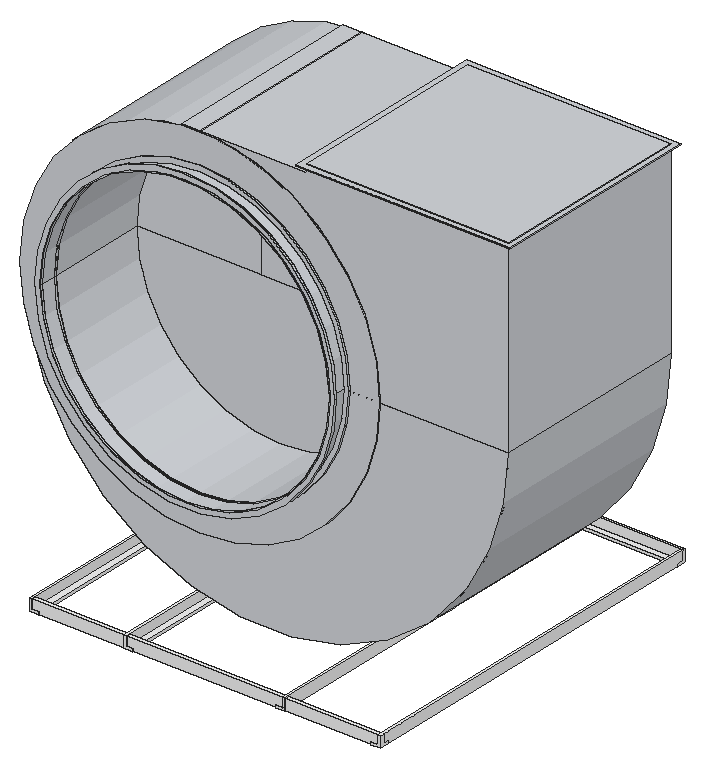
Revit family "НЕВАТОМ_Вентилятор ВР 86-77, Версия 2.с табл", category Оборудование, Revit 2017
Family settings
  Размер круглого соединителя = Использовать диаметр
  Тип детали = Нормальный
  На основе рабочей плоскости = Нет
  Всегда вертикально = Да
  При загрузке вырезать с полостями = Нет
  Общий = Да
  Точка расчета площади = Нет
Parameters (values of type "№12.5")
  типоразмер = 12.50 mm
  Угол [instance] = 0.00° - Угол поворота  # 0.00°
  Ширина основания = 1520.00 mm
  Ширина опоры = 700.00 mm
  Угол поворота [instance] = 0.00°
  ТП = "НЕВАТОМ_Вентилятор ВР 86-77"  # constant formula
  Сравнение праволево [instance] = if(НЕВАТОМ_Направление вращения Левое, 0.00 mm, 1.00 mm)  # 1.00 mm
  Рама монтажная [instance] = no
  НЕВАТОМ_Частота вращения электродвигателя = 750
  НЕВАТОМ_Направление вращения Правое [instance] = and(not(НЕВАТОМ_Направление вращения Левое))  # yes
  НЕВАТОМ_Направление вращения Левое [instance] = no
  НЕВАТОМ_Мощность электродвигатель = 15.00 mm
  НЕВАТОМ_Исполнение вентилятора = 1.00 mm
  Н2 = 2175.00 mm
  Ключевая пометка = "Вентиляция"  # constant formula
  Высота виброизолятора [instance] = if(and(Выбор виброизолятора = 1.00 mm, D = 250.00 mm), 72.00 mm, if(and(Выбор виброизолятора = 1.00 mm, D = 315.00 mm), 92.50 mm, if(and(Выбор виброизолятора = 1.00 mm, D = 400.00 mm), 113.00 mm, if(and(Выбор виброизолятора = 1.00 mm, D = 500.00 mm), 92.50 mm, if(and(Выбор виброизолятора = 1.00 mm, D = 630.00 mm), 129.00 mm, if(and(Выбор виброизолятора = 1.00 mm, D = 800.00 mm), 129.00 mm, if(and(Выбор виброизолятора = 1.00 mm, D = 1000.00 mm), 192.00 mm, if(and(Выбор виброизолятора = 1.00 mm, D = 1250.00 mm), 192.00 mm, 0.00 mm))))))))  # 0.00 mm
  Выбор исполнения = 0.00 mm
  Выбор диаметра колеса [instance] = if([(0.9Dн)], 1.00 mm, if([(1.05Dн)], 2.00 mm, 0.00 mm))  # 1.00 mm
  Выбор виброизолятора [instance] = if(Виброизолятор, 1.00 mm, 0.00 mm)  # 0.00 mm
  Виброизолятор [instance] = no
  ВР = 12.50 mm
  r = 160.00 mm
  l патрубка = 80.00 mm
  l длина = 800.00 mm
  l двиг = 500.00 mm
  k = 80.00 mm
  h3 = 100.00 mm
  h2 = 780.00 mm
  h1 = 815.00 mm
  h = 300.00 mm
  d двиг = 320.00 mm
  c2 = 800.00 mm
  c1 = 848.00 mm
  b = 25.00 mm
  a2 = 1338.00 mm
  _Коэффициент расхода [instance] = 1
  Type = 43.00 mm
  R2 = 780.00 mm
  R1 = 1050.00 mm
  L длина опоры = 1648.00 mm
  L двиг = 340.00 mm
  H1 = 1360.00 mm
  H опоры = 1200.00 mm
  Dн = no
  ADSK_Наименование краткое [instance] = size_lookup(ТП, "", "нет типоразмера", D)  # "VR 86-77-12.5"
  1.05Dн = no
  0.9Dн = yes
  D1 = 1255.00 mm
  D/2 = d двиг / 2  # 160.00 mm
  D входного патрубка = 1250.00 mm
  D внешний = 1300.00 mm
  D = 1250.00 mm
  BB = 875.00 mm
  ADSK_Ток = 0 A
  ADSK_Расход воздуха [instance] = 0.0 m³/h
  ADSK_Примечание = "size_lookup(ТП, \"\", \"нет типоразмера\", D)"
  ADSK_Потеря давления воздуха [instance] = 0.0 Pa
  ADSK_Позиция = ""
  ADSK_Номинальная мощность = 0 W
  ADSK_Напряжение = 380 V  # constant formula
  ADSK_Наименование [instance] = "Вентилятор радиальный низкого давления"  # constant formula
  ADSK_Материал наименование = ""
  ADSK_Марка [instance] = size_lookup("ВР_86-77", "", "нет в каталоге", D, НЕВАТОМ_Исполнение вентилятора, НЕВАТОМ_Мощность электродвигатель, НЕВАТОМ_Частота вращения электродвигателя, Сравнение праволево, Угол поворота, Выбор диаметра колеса)  # "VR 86-77-12,5-15КВТ/750 ОБ/МИН. ПРАВ0(Д=0,9ДН)"
  ADSK_Количество фаз числовое = 3  # constant formula
  ADSK_Количество фаз = 3  # constant formula
  ADSK_Количество = 1  # constant formula
  ADSK_Код изделия = ""
  ADSK_Классификация нагрузок = none
  ADSK_Завод-изготовитель [instance] = "НЕВАТОМ"  # constant formula
  ADSK_Единица измерения [instance] = "шт."  # constant formula
  AA = 875.00 mm
  A1 = 900.00 mm
  (Dн) = and(not([0.9Dн]), not([1.05Dн]))  # no
  (1.05Dн) = and(not(Dн), not([0.9Dн]))  # no
  (0.9Dн) = and(not(Dн), not([1.05Dн]))  # yes
Reference planes
  plane 1 "По центру (Вперед/Назад)": y = 0
  plane 2: z = 0
  plane 3 "По центру (Влево/Вправо)": x = 0
  plane 4: x = -350
  plane 5: x = 350
  plane 6: y = -875
  plane 7: z = -160
  plane 8: z = -1360
  plane 9: x = -760
  plane 10: x = 760
  plane 11: y = 800
  plane 12: y = -848
  plane 13: z = -1360
  plane 14: z = 815
  plane 15: y = -437.5
  plane 16: z = 815
  plane 17: x = 1338
Dimensions and locks
  equal spacing: plane 4, plane 3 "По центру (Влево/Вправо)", plane 5
  "Ширина опоры": plane 4 to plane 5
  nested 1 to nested 1 = 1648.00 mm
  "BB": plane 6 to plane 1 "По центру (Вперед/Назад)"
  level to nested 1 = 1360.00 mm
  "D/2": level to plane 7
  nested 1 to plane 5 = 700.00 mm
  "H1": level to plane 8
  plane 5 to plane 3 "По центру (Влево/Вправо)" to plane 4 = 350.00 mm, 350.00 mm
  equal spacing: plane 10, plane 3 "По центру (Влево/Вправо)", plane 9
  "Ширина основания": plane 10 to plane 9
  "c1": plane 12 to plane 1 "По центру (Вперед/Назад)"
  "c2": plane 1 "По центру (Вперед/Назад)" to plane 11
  "Высота виброизолятора": plane 8 to plane 13
  equal spacing: plane 1 "По центру (Вперед/Назад)", plane 15, plane 6
  "Н2": plane 14 to plane 13
  "a2": plane 17 to plane 3 "По центру (Влево/Вправо)"
  diameter of nested 2 = 2100.00 mm
  "Угол": angle nested 2 to level
  aligned and locked: level to plane 2
  aligned and locked: nested 1 to plane 3 "По центру (Влево/Вправо)"
  aligned and locked: plane 1 "По центру (Вперед/Назад)" to nested 3
  aligned and locked: plane 3 "По центру (Влево/Вправо)" to nested 3
  aligned and locked: nested 2 to plane 1 "По центру (Вперед/Назад)"
  aligned and locked: plane 7 to nested 1
  aligned and locked: nested 1 to plane 1 "По центру (Вперед/Назад)"
  aligned and locked: plane 3 "По центру (Влево/Вправо)" to nested 4
  aligned and locked: nested 2 to plane 6
  aligned and locked: plane 6 to nested 4
  aligned and locked: nested 5 to plane 12
  aligned and locked: plane 8 to nested 5
  aligned and locked: plane 9 to nested 5
  aligned and locked: nested 6 to plane 8
  aligned and locked: plane 10 to nested 6
  aligned and locked: plane 12 to nested 6
  aligned and locked: nested 7 to plane 9
  aligned and locked: plane 11 to nested 7
  aligned and locked: plane 8 to nested 7
  aligned and locked: nested 8 to plane 10
  aligned and locked: nested 8 to plane 11
  aligned and locked: nested 8 to plane 8
  aligned and locked: nested 9 to plane 3 "По центру (Влево/Вправо)"
  aligned and locked: plane 13 to nested 9
  aligned and locked: plane 11 to nested 9
  aligned and locked: plane 15 to nested 10
  aligned and locked: plane 14 to nested 10
  aligned and locked: plane 17 to nested 10
Nested families
  nested 1: "Опора вентилятора" at (-350, 0, -160) x (-1, 0, 0) z (0, 0, 1), H <- "H опоры", h <- "h", l длина <- "l длина", Длина опоры <- "L длина опоры", Ширина опоры <- "Ширина опоры", Ширина основания <- "Ширина основания", type "№2,5", detail levels fine
    with Ширина основания 1520.00 mm, Ширина опоры 700.00 mm, Длина опоры 1648.00 mm, l длина 800.00 mm, h 300.00 mm, H 1200.00 mm
  nested 2: "Улитка" at (0, 0, 0) x (-1, 0, 0) z (0, 0, 1), A1 <- "A1", AA <- "AA", BB <- "BB", D <- "D", R1 <- "R1", R2 <- "R2", b <- "b", h1 <- "h1", h2 <- "h2", h3 <- "h3", k <- "k", type "№12,5", detail levels fine
    with k 80.00 mm, h3 100.00 mm, h2 780.00 mm, h1 815.00 mm, b 25.00 mm, R2 780.00 mm, R1 1050.00 mm, D 1250.00 mm, BB 875.00 mm, AA 875.00 mm, A1 900.00 mm
  nested 3: "НЕВАТОМ_Электродвигатель" at (0, 0, 0), type "№12.5", detail levels fine
    with r 160.00 mm, l двиг 500.00 mm, L двиг 340.00 mm
  nested 4: "НЕВАТОМ_Входной патрубок" at (0, -955, 0), type "№12.5", detail levels fine
  nested 5: "НЕВАТОМ_Виброизолятор ВР, Версия 1" at (-700, -768, -1866) x (0, -1, 0) z (0, 0, 1), Type <- "Type", visible <- "Виброизолятор", type "Виброизолятор ВР", detail levels fine
    with t3 6.00 mm, t/2 13.714 mm, t 27.429 mm, d1 14.00 mm, d 10.00 mm, Type 43.00 mm, R1 5.00 mm, R 40.00 mm, L2+12 192.00 mm, L2 180.00 mm, L 160.00 mm, H 192.00 mm, Dsr 80.00 mm, B 120.00 mm, ADSK_Наименование "Виброизолятор ДО-43", ADSK_Масса 1.8, ADSK_Марка "Виброизолятор ДО-43", A 130.00 mm
  nested 6: "НЕВАТОМ_Виброизолятор ВР, Версия 1" at (700, -768, -1866) x (0, -1, 0) z (0, 0, 1), Type <- "Type", visible <- "Виброизолятор", type "Виброизолятор ВР", detail levels fine
    with t3 6.00 mm, t/2 13.714 mm, t 27.429 mm, d1 14.00 mm, d 10.00 mm, Type 43.00 mm, R1 5.00 mm, R 40.00 mm, L2+12 192.00 mm, L2 180.00 mm, L 160.00 mm, H 192.00 mm, Dsr 80.00 mm, B 120.00 mm, ADSK_Наименование "Виброизолятор ДО-43", ADSK_Масса 1.8, ADSK_Марка "Виброизолятор ДО-43", A 130.00 mm
  nested 7: "НЕВАТОМ_Виброизолятор ВР, Версия 1" at (-700, 720, -1866) x (0, -1, 0) z (0, 0, 1), Type <- "Type", visible <- "Виброизолятор", type "Виброизолятор ВР", detail levels fine
    with t3 6.00 mm, t/2 13.714 mm, t 27.429 mm, d1 14.00 mm, d 10.00 mm, Type 43.00 mm, R1 5.00 mm, R 40.00 mm, L2+12 192.00 mm, L2 180.00 mm, L 160.00 mm, H 192.00 mm, Dsr 80.00 mm, B 120.00 mm, ADSK_Наименование "Виброизолятор ДО-43", ADSK_Масса 1.8, ADSK_Марка "Виброизолятор ДО-43", A 130.00 mm
  nested 8: "НЕВАТОМ_Виброизолятор ВР, Версия 1" at (700, 720, -1866) x (0, -1, 0) z (0, 0, 1), Type <- "Type", visible <- "Виброизолятор", type "Виброизолятор ВР", detail levels fine
    with t3 6.00 mm, t/2 13.714 mm, t 27.429 mm, d1 14.00 mm, d 10.00 mm, Type 43.00 mm, R1 5.00 mm, R 40.00 mm, L2+12 192.00 mm, L2 180.00 mm, L 160.00 mm, H 192.00 mm, Dsr 80.00 mm, B 120.00 mm, ADSK_Наименование "Виброизолятор ДО-43", ADSK_Масса 1.8, ADSK_Марка "Виброизолятор ДО-43", A 130.00 mm
  nested 9: "НЕВАТОМ_Рама монтажная для ВР-86-77, Версия 2" at (0, -24, -1450) x (0, 1, 0) z (0, 0, 1), VR <- "ВР", visible <- "Рама монтажная", type "Рама монтажная для ВР-86-77"
    with a 24.00 mm, VR 12.50 mm, Ls 1392.00 mm, Ln 1633.00 mm, Lm 1394.00 mm, Lh 1648.00 mm, Ld1 20.00 mm, Ld 1548.00 mm, L 90.00 mm, H1 55.00 mm, H 56.00 mm, D 14.00 mm, C 1450.00 mm, ADSK_Обозначение "Монтажная рама для ВР-86-77-12.5", ADSK_Наименование "Монтажная рама для ВР-86-77-12.5", ADSK_Масса 53.545
  nested 10: "УГО вентилятора 1" at (413, -437.5, -315), type "Тип 1", detail levels coarse
Connectors
  hvac at (900, -437.5, 815), driven by "AA", driven by "BB", driven by "ADSK_Расход воздуха"
    settings: on nested 2, index 2, duct flow 0.0 m³/h, flow factor 1, pres drop 0.0 Pa, loss coef 0, conn angle 0.00°, conn width 875 mm, conn height 875 mm, conn diameter 609.6 mm, duct sys type 29, conn prof type 1, flow config 0, flow direction 2, loss method 0, conn ref index 3, conn util no, is conn primary yes, conn desc ""
  hvac at (0, -955, 0), driven by "D входного патрубка", driven by "ADSK_Расход воздуха", driven by "ADSK_Потеря давления воздуха"
    settings: on nested 4, index 3, duct flow 0.0 m³/h, flow factor 0, pres drop 0.0 Pa, loss coef 0, conn angle 0.00°, conn width 304.8 mm, conn height 304.8 mm, conn diameter 1250 mm, duct sys type 29, conn prof type 0, flow config 2, flow direction 1, loss method 4, conn ref index 2, conn util no, is conn primary no, conn desc ""
Definition of nested family "Опора вентилятора"
  Parameters (values of type "№8")
    Ширина основания [instance] = 800.00 mm
    Ширина опоры [instance] = 800.00 mm
    Длина опоры [instance] = 1074.00 mm
    l длина [instance] = 537.00 mm
    h [instance] = 350.00 mm
    H [instance] = 775.00 mm
  Types (8, lengths in mm): name | Ширина основания | Ширина опоры | Длина опоры | l длина | h | H
    №2,5 | 1270.00 | 930.00 | 1343.00 | 670.00 | 200.00 | 1100.00
    №3.15 | 1500.00 | 287.00 | 467.00 | 233.00 | 120.00 | 396.00
    №4 | 1500.00 | 357.00 | 580.00 | 290.00 | 130.00 | 526.00
    №5 | 1500.00 | 476.00 | 754.00 | 377.00 | 340.00 | 650.00
    №6.3 | 1500.00 | 556.00 | 900.00 | 450.00 | 100.00 | 750.00
    №8 | 800.00 | 800.00 | 1074.00 | 537.00 | 350.00 | 775.00
    №10 | 930.00 | 480.00 | 1370.00 | 670.00 | 200.00 | 1100.00
    №12.5 | 1500.00 | 700.00 | 1648.00 | 820.00 | 200.00 | 1100.00
  Reference planes
    plane 1 "По центру (Вперед/Назад)": y = 0
    plane 2: z = 0
    plane 3 "По центру (Влево/Вправо)": x = 0
    plane 4: x = -800
    plane 5: z = -800
    plane 6: y = 537
    plane 7: z = -775
    plane 8: y = -537
    plane 9: z = 350
    plane 10: x = -800
    plane 11: x = 0
    plane 12: x = -400
  Forms (mm)
    Extrusion 1, solid
      sketch origin (0, 0, 0) x (1, 0, 0) y (0, 0, 1)
        loop
          line (-797.5, -725.225) -> (-797.5, -775) -> (-757.5, -775) -> (-757.5, -765) -> (-787.5, -765) -> (-787.5, -725.225) -> (-797.5, -725.225)
      from -537 to 537
    Extrusion 2, solid
      sketch origin (-280, 0, 0) x (-1, 0, 0) y (0, 0, -1)
        loop
          line (-280, 725.225) -> (-270, 725.225) -> (-270, 765) -> (-240, 765) -> (-240, 775) -> (-280, 775) -> (-280, 725.225)
      from -537 to 537
    Extrusion 3, solid
      sketch origin (0, 0, 0) x (0, 1, 0) y (0, 0, 1)
        loop
          line (-467, 0) -> (-537, 0) -> (-537, -775) -> (-467, -775) -> (-467, 0)
      from -12.042 to 0
    Extrusion 4, solid
      sketch origin (0, 920, 0) x (0, 1, 0) y (0, 0, 1)
        loop
          line (-920, 350) -> (-990, 350) -> (-990, -775) -> (-920, -775) -> (-920, 350)
      from -12.042 to 0
    Extrusion 5, solid
      sketch origin (-260, 0, 0) x (0, 1, 0) y (0, 0, 1)
        loop
          line (-467, 0) -> (-537, 0) -> (-537, -775) -> (-467, -775) -> (-467, 0)
      from -540 to -527.958
    Extrusion 6, solid
      sketch origin (-245, 920, 0) x (0, 1, 0) y (0, 0, 1)
        loop
          line (-920, 350) -> (-990, 350) -> (-990, -775) -> (-920, -775) -> (-920, 350)
      from -555 to -542.958
    Extrusion 7, solid
      sketch origin (0, 0, 0) x (1, 0, 0) y (0, 0, 1)
        loop
          line (-800, 0) -> (-800, -10) -> (0, -10) -> (0, 0) -> (-800, 0)
      from 0 to 537
    Extrusion 8, solid
      sketch origin (0, 0, 0) x (0, 1, 0) y (0, 0, 1)
        loop
          line (-70, 350) -> (-537, 0) -> (0, 0) -> (0, 350) -> (-70, 350)
      from -4.828 to 0
    Extrusion 9, solid
      sketch origin (-230, 0, 0) x (0, 1, 0) y (0, 0, 1)
        loop
          line (-70, 350) -> (-537, 0) -> (0, 0) -> (0, 350) -> (-70, 350)
      from -570 to -565.172
    Extrusion 10, solid
      sketch origin (-402.5, 0, 0) x (1, 0, 0) y (0, 0, 1)
        loop
          line (-397.5, -725.225) -> (-397.5, -775) -> (-357.5, -775) -> (-357.5, -765) -> (-387.5, -765) -> (-387.5, -725.225) -> (-397.5, -725.225)
      from -537 to 537
    Extrusion 11, solid
      sketch origin (120, 0, 0) x (-1, 0, 0) y (0, 0, -1)
        loop
          line (120, 725.225) -> (130, 725.225) -> (130, 765) -> (160, 765) -> (160, 775) -> (120, 775) -> (120, 725.225)
      from -537 to 537
    Extrusion 12, solid
      sketch origin (-272, -122.5, 0) x (0, 1, 0) y (0, 0, 1)
        loop
          line (-414.5, -725.225) -> (-414.5, -775) -> (-374.5, -775) -> (-374.5, -765) -> (-404.5, -765) -> (-404.5, -725.225) -> (-414.5, -725.225)
      from -528 to 272
    Extrusion 13, solid
      sketch origin (-272, 122.5, 0) x (0, -1, 0) y (0, 0, -1)
        loop
          line (-414.5, 725.225) -> (-396.5, 725.225) -> (-396.5, 765) -> (-374.5, 765) -> (-374.5, 775) -> (-414.5, 775) -> (-414.5, 725.225)
      from -528 to 272
  Cuts and joins
    joined: Extrusion 4, Extrusion 8
  Dimensions and locks
    "Длина опоры": plane 6 to plane 8
    "Ширина опоры": plane 3 "По центру (Влево/Вправо)" to plane 4
    "H": level to plane 7
    "h": plane 9 to level
    plane 1 "По центру (Вперед/Назад)" to plane 8 = 537.00 mm
    "l длина": plane 1 "По центру (Вперед/Назад)" to plane 8
    locked: Extrusion 1 to Extrusion 1 at 10  (x2)
    locked: Extrusion 2 to Extrusion 2 at 10  (x2)
    locked: Extrusion 3 to Extrusion 3 at 12.042
    locked: Extrusion 3 to Extrusion 3 at 70
    locked: Extrusion 4 to Extrusion 4 at 12.042
    locked: Extrusion 4 to Extrusion 4 at 70
    locked: Extrusion 5 to Extrusion 5 at 12.042
    locked: Extrusion 5 to Extrusion 5 at 70
    locked: Extrusion 6 to Extrusion 6 at 12.042
    locked: Extrusion 6 to Extrusion 6 at 70
    locked: Extrusion 7 to Extrusion 7 at 10
    Extrusion 8 to Extrusion 8 = 4.828 mm
    locked: Extrusion 8 to Extrusion 8 at 4.828
    locked: Extrusion 9 to Extrusion 9 at 4.828
    locked: Extrusion 2 to Extrusion 2 at 40
    Extrusion 1 to Extrusion 1 = 40.00 mm
    locked: Extrusion 1 to Extrusion 1 at 40
    locked: Extrusion 10 to Extrusion 10 at 10  (x2)
    locked: Extrusion 10 to Extrusion 10 at 40
    locked: Extrusion 11 to Extrusion 11 at 10  (x2)
    locked: Extrusion 11 to Extrusion 11 at 40
    "Ширина основания": plane 10 to plane 11
    locked: Extrusion 12 to Extrusion 12 at 10
    locked: Extrusion 12 to Extrusion 12 at 40
    locked: Extrusion 13 to Extrusion 13 at 10
    locked: Extrusion 13 to Extrusion 13 at 40
    "Ширина опоры": plane 4 to plane 3 "По центру (Влево/Вправо)"
    equal spacing: plane 10, plane 12, plane 11
    equal spacing: plane 4, plane 12, plane 3 "По центру (Влево/Вправо)"
    aligned and locked: level to plane 2
    aligned and locked: plane 8 to Extrusion 1
    aligned and locked: Extrusion 1 to plane 6
    aligned and locked: Extrusion 2 to plane 3 "По центру (Влево/Вправо)"
    aligned and locked: Extrusion 2 to plane 6
    aligned and locked: level to Extrusion 3
    aligned and locked: Extrusion 3 to plane 7
    aligned and locked: plane 8 to Extrusion 3
    aligned and locked: Extrusion 4 to plane 1 "По центру (Вперед/Назад)"
    aligned and locked: plane 3 "По центру (Влево/Вправо)" to Extrusion 3
    aligned and locked: plane 3 "По центру (Влево/Вправо)" to Extrusion 4
    aligned and locked: Extrusion 5 to plane 4
    aligned and locked: Extrusion 6 to plane 4
    aligned and locked: level to Extrusion 7
    aligned and locked: plane 8 to Extrusion 2
    aligned and locked: plane 8 to Extrusion 7
    aligned and locked: plane 9 to Extrusion 6
    aligned and locked: plane 9 to Extrusion 4
    aligned and locked: Extrusion 8 sketch curve to level
    aligned and locked: plane 9 to Extrusion 8 sketch curve
    aligned and locked: Extrusion 9 to plane 4
    aligned and locked: Extrusion 8 to plane 1 "По центру (Вперед/Назад)"
    aligned and locked: plane 8 to Extrusion 12
    aligned and locked: plane 11 to Extrusion 12
    aligned and locked: Extrusion 12 to plane 10
    aligned and locked: plane 11 to Extrusion 13
    aligned and locked: Extrusion 13 to plane 10
    aligned and locked: Extrusion 13 to plane 6
    aligned and locked: plane 8 to Extrusion 11
    aligned and locked: Extrusion 11 to plane 6
    aligned and locked: Extrusion 10 to plane 6
    aligned and locked: plane 8 to Extrusion 10
  Automatic sketch dimensions
    Extrusion 1 sketch curve to plane 7 = 0.00 mm
    plane 4 to Extrusion 1 sketch curve = 2.50 mm
    Extrusion 1 sketch curve to Extrusion 1 sketch curve = 10.00 mm  (x2)
    Extrusion 1 sketch curve to Extrusion 1 sketch curve = 30.00 mm
    Extrusion 1 sketch curve to Extrusion 1 sketch curve = 39.775 mm
    plane 3 "По центру (Влево/Вправо)" to Extrusion 2 sketch curve = 0.00 mm
    Extrusion 2 sketch curve to plane 7 = 0.00 mm
    plane 3 "По центру (Влево/Вправо)" to Extrusion 2 sketch curve = 10.00 mm
    Extrusion 2 sketch curve to Extrusion 2 sketch curve = 30.00 mm
    Extrusion 2 sketch curve to Extrusion 2 sketch curve = 10.00 mm
    Extrusion 2 sketch curve to Extrusion 2 sketch curve = 39.775 mm
    Extrusion 3 sketch curve to level = 0.00 mm
    Extrusion 3 sketch curve to plane 8 = 0.00 mm
    Extrusion 3 sketch curve to plane 7 = 0.00 mm
    Extrusion 3 sketch curve to plane 8 = 70.00 mm
    Extrusion 4 sketch curve to plane 9 = 0.00 mm
    Extrusion 4 sketch curve to plane 7 = 0.00 mm
    Extrusion 4 sketch curve to plane 1 "По центру (Вперед/Назад)" = 0.00 mm
    plane 1 "По центру (Вперед/Назад)" to Extrusion 4 sketch curve = 70.00 mm
    Extrusion 5 sketch curve to level = 0.00 mm
    Extrusion 5 sketch curve to plane 8 = 0.00 mm
    Extrusion 5 sketch curve to plane 7 = 0.00 mm
    Extrusion 5 sketch curve to plane 8 = 70.00 mm
    Extrusion 6 sketch curve to plane 9 = 0.00 mm
    Extrusion 6 sketch curve to plane 7 = 0.00 mm
    Extrusion 6 sketch curve to plane 1 "По центру (Вперед/Назад)" = 0.00 mm
    plane 1 "По центру (Вперед/Назад)" to Extrusion 6 sketch curve = 70.00 mm
    Extrusion 7 sketch curve to plane 4 = 0.00 mm
    Extrusion 7 sketch curve to plane 3 "По центру (Влево/Вправо)" = 0.00 mm
    Extrusion 7 sketch curve to level = 0.00 mm
    Extrusion 7 sketch curve to level = 10.00 mm
    Extrusion 8 sketch curve to plane 8 = 0.00 mm
    Extrusion 8 sketch curve to plane 1 "По центру (Вперед/Назад)" = 0.00 mm
    plane 1 "По центру (Вперед/Назад)" to Extrusion 8 sketch curve = 70.00 mm
    Extrusion 9 sketch curve to level = 0.00 mm
    Extrusion 9 sketch curve to plane 8 = 0.00 mm
    Extrusion 9 sketch curve to plane 9 = 0.00 mm
    Extrusion 9 sketch curve to plane 1 "По центру (Вперед/Назад)" = 0.00 mm
    plane 1 "По центру (Вперед/Назад)" to Extrusion 9 sketch curve = 70.00 mm
    Extrusion 10 sketch curve to plane 10 = 0.00 mm
    Extrusion 10 sketch curve to plane 7 = 0.00 mm
    plane 10 to Extrusion 10 sketch curve = 10.00 mm
    Extrusion 10 sketch curve to Extrusion 10 sketch curve = 30.00 mm
    Extrusion 10 sketch curve to Extrusion 10 sketch curve = 10.00 mm
    Extrusion 10 sketch curve to Extrusion 10 sketch curve = 39.775 mm
    Extrusion 11 sketch curve to plane 11 = 0.00 mm
    Extrusion 11 sketch curve to plane 7 = 0.00 mm
    Extrusion 11 sketch curve to Extrusion 11 sketch curve = 10.00 mm  (x2)
    Extrusion 11 sketch curve to Extrusion 11 sketch curve = 30.00 mm
    Extrusion 11 sketch curve to Extrusion 11 sketch curve = 39.775 mm
    Extrusion 12 sketch curve to plane 8 = 0.00 mm
    Extrusion 12 sketch curve to plane 7 = 0.00 mm
    Extrusion 12 sketch curve to plane 8 = 10.00 mm
    Extrusion 12 sketch curve to Extrusion 12 sketch curve = 30.00 mm
    Extrusion 12 sketch curve to Extrusion 12 sketch curve = 10.00 mm
    Extrusion 12 sketch curve to Extrusion 12 sketch curve = 39.775 mm
    Extrusion 13 sketch curve to plane 7 = 0.00 mm
    plane 6 to Extrusion 13 sketch curve = 0.00 mm
    Extrusion 13 sketch curve to Extrusion 13 sketch curve = 18.00 mm
    Extrusion 13 sketch curve to Extrusion 13 sketch curve = 22.00 mm
    Extrusion 13 sketch curve to Extrusion 13 sketch curve = 10.00 mm
    Extrusion 13 sketch curve to Extrusion 13 sketch curve = 39.775 mm
Definition of nested family "Улитка"
  Parameters (values of type "№2.5")
    k [instance] = 30.00 mm
    h2 [instance] = 155.00 mm
    h3 [instance] = 0.00 mm
    h1 [instance] = 180.00 mm
    b [instance] = 20.00 mm
    R2 [instance] = 160.00 mm
    R1 [instance] = 205.00 mm
    D [instance] = 250.00 mm
    BB [instance] = 175.00 mm
    AA [instance] = 175.00 mm
    A1 [instance] = 162.00 mm
  Types (8, lengths in mm): name | k | h2 | h3 | h1 | b | R2 | R1 | D | BB | AA | A1
    №2.5 | 30.00 | 155.00 | 0.00 | 180.00 | 20.00 | 160.00 | 205.00 | 250.00 | 175.00 | 175.00 | 162.00
    №3.15 | 1.00 | 200.00 | 100.00 | 220.00 | 20.00 | 200.00 | 257.00 | 320.00 | 220.00 | 220.00 | 204.00
    №4 | 1.00 | 250.00 | 100.00 | 270.00 | 25.00 | 250.00 | 326.00 | 400.00 | 280.00 | 280.00 | 260.00
    №5 | 1.00 | 310.00 | 100.00 | 335.00 | 25.00 | 310.00 | 400.00 | 500.00 | 350.00 | 350.00 | 325.00
    №6,3 | 1.00 | 395.00 | 100.00 | 415.00 | 25.00 | 400.00 | 513.00 | 630.00 | 441.00 | 441.00 | 409.00
    №8 | 0.00 | 500.00 | 100.00 | 540.00 | 25.00 | 500.00 | 650.00 | 800.00 | 560.00 | 560.00 | 520.00
    №10 | 80.00 | 620.00 | 100.00 | 660.00 | 25.00 | 620.00 | 880.00 | 1000.00 | 700.00 | 700.00 | 800.00
    №12,5 | 80.00 | 780.00 | 100.00 | 815.00 | 25.00 | 780.00 | 1050.00 | 1250.00 | 875.00 | 875.00 | 900.00
  Reference planes
    plane 1 "По центру (Вперед/Назад)": y = 0
    plane 2: z = 0
    plane 3 "По центру (Влево/Вправо)": x = 0
    plane 4: z = 180
    plane 5: x = 30
    plane 6: y = -175
    plane 7: z = 155
    plane 8: x = -249.5
    plane 9: x = -74.5
    plane 10: x = -162
    plane 11: y = -87.5
    plane 12: z = 120
    plane 13: z = 150
    plane 14: z = 0
  Forms (mm)
    Extrusion 1, solid
      sketch origin (0, 0, 0) x (1, 0, 0) y (0, 0, 1)
        loop
          line (160.5, 0) -> (-249.5, 0)
          arc (-249.5, 0) -> (-44.5, -205) -> (160.5, 0) r 205
      from 0 to 175
    Extrusion 2, solid
      sketch origin (0, 0, 0) x (1, 0, 0) y (0, 0, 1)
        loop
          line (-249.5, 0) -> (30, 0) -> (30, 155) -> (-74.5, 155) -> (-74.5, 180) -> (-249.5, 180) -> (-249.5, 0)
      from 0 to 175
    Extrusion 3, solid
      sketch origin (0, 0, 0) x (1, 0, 0) y (0, 0, 1)
        loop
          circle (-0.331, 0) r 160
      from 0 to 175
    Extrusion 4, solid
      sketch origin (0, 0, 0) x (1, 0, 0) y (0, 1, 0)
        loop
          line (-269.5, 20) -> (-269.5, -195) -> (-54.5, -195) -> (-54.5, 20) -> (-269.5, 20)
      from 176.267 to 180
    Extrusion 5, void
      sketch origin (0, 0, 0) x (1, 0, 0) y (0, 0, 1)
        loop
          circle (0, 0) r 125
      from 87.5 to 1163.502
  Cuts and joins
    Extrusion 5 cuts Extrusion 1
    Extrusion 5 cuts Extrusion 2
    Extrusion 5 cuts Extrusion 3
  Dimensions and locks
    "h1": plane 4 to level
    "BB": plane 6 to plane 1 "По центру (Вперед/Назад)"
    "k": plane 5 to plane 3 "По центру (Влево/Вправо)"
    "h2": plane 7 to level
    equal spacing: plane 9, plane 10, plane 8
    "AA": plane 9 to plane 8
    "A1": plane 3 "По центру (Влево/Вправо)" to plane 10
    equal spacing: plane 1 "По центру (Вперед/Назад)", plane 11, plane 6
    "b": plane 9 to Extrusion 4 sketch curve
    locked: Extrusion 4 to Extrusion 4 at 3.733
    plane 7 to plane 13 = 5.00 mm
    "h3": level to plane 14
    "b": Extrusion 4 to plane 1 "По центру (Вперед/Назад)"
    "b": plane 6 to Extrusion 4
    "b": Extrusion 4 sketch curve to plane 8
    "R1": radius of Extrusion 1 sketch curve
    "R2": radius of Extrusion 3 sketch curve
    "D": diameter of Extrusion 5 sketch curve
    aligned and locked: level to plane 2
    aligned and locked: Extrusion 1 to plane 6
    aligned and locked: Extrusion 1 to plane 1 "По центру (Вперед/Назад)"
    aligned and locked: Extrusion 2 to plane 6
    aligned and locked: Extrusion 2 to plane 1 "По центру (Вперед/Назад)"
    aligned and locked: plane 9 to Extrusion 2
    aligned and locked: plane 8 to Extrusion 2
    aligned and locked: Extrusion 3 to plane 6
    aligned and locked: plane 6 to Extrusion 2
    aligned and locked: plane 4 to Extrusion 4
    aligned and locked: Extrusion 4 to plane 4
    aligned and locked: Extrusion 5 to plane 11
  Automatic sketch dimensions
    Extrusion 2 sketch curve to plane 4 = 0.00 mm
    Extrusion 2 sketch curve to plane 8 = 0.00 mm
    Extrusion 2 sketch curve to plane 9 = 0.00 mm
    Extrusion 2 sketch curve to level = 0.00 mm
    plane 5 to Extrusion 2 sketch curve = 0.00 mm
    plane 7 to Extrusion 2 sketch curve = 0.00 mm
    Extrusion 1 sketch curve to level = 0.00 mm
    Extrusion 1 sketch curve to plane 8 = 0.00 mm
    Extrusion 3 sketch curve to level = 0.00 mm
    Extrusion 3 sketch curve to plane 3 "По центру (Влево/Вправо)" = 0.331 mm
    Extrusion 4 sketch curve to plane 6 = 20.00 mm
    Extrusion 4 sketch curve to plane 1 "По центру (Вперед/Назад)" = 20.00 mm
    Extrusion 5 sketch curve to level = 0.00 mm
    Extrusion 5 sketch curve to plane 3 "По центру (Влево/Вправо)" = 0.00 mm
Definition of nested family "НЕВАТОМ_Электродвигатель"
  Parameters (values of type "№3.5")
    Default Elevation = 1219.20 mm
    r = 90.00 mm
    l двиг = 140.00 mm
    d двиг = 140.00 mm
    L двиг = 160.00 mm
  Types (7, lengths in mm): name | r | l двиг | d двиг | L двиг
    (no name) | 90.00 | 140.00 | 140.00 | 160.00
    №12.5 | 200.00 | 420.00 | 320.00 | 500.00
    №10 | 200.00 | 300.00 | 280.00 | 240.00
    №8 | 90.00 | 200.00 | 140.00 | 240.00
    №6.3 | 90.00 | 140.00 | 140.00 | 160.00
    №5 | 90.00 | 140.00 | 140.00 | 160.00
    №3.5 | 90.00 | 140.00 | 140.00 | 160.00
  Reference planes
    plane 1 "По центру (Вперед/Назад)": y = 0
    plane 2: z = 0
    plane 3 "По центру (Влево/Вправо)": x = 0
    plane 4: y = 140
    plane 5: y = 300
  Forms (mm)
    Extrusion 1, solid
      sketch origin (0, 0, 0) x (1, 0, 0) y (0, 0, 1)
        loop
          circle (0, 0) r 70
      from 0 to -140
    Revolve 2, solid
      sketch origin (0, 0, 0) x (0, 1, 0) y (0, 0, 1)
        loop
          line (140, 0) -> (300, 0) -> (300, 65) -> (275, 90) -> (140, 90) -> (140, 0)
        axis (300, 0) -> (140, 0)
      angle from 0 to 360
  Dimensions and locks
    "l двиг": plane 4 to plane 1 "По центру (Вперед/Назад)"
    "L двиг": plane 5 to plane 4
    "r": Revolve 2 sketch curve to Revolve 2 sketch curve
    "d двиг": diameter of Extrusion 1 sketch curve
    aligned and locked: level to plane 2
    aligned and locked: plane 4 to Extrusion 1
    aligned and locked: plane 1 "По центру (Вперед/Назад)" to Extrusion 1
    aligned and locked: plane 5 to Revolve 2 sketch curve
    aligned and locked: plane 4 to Revolve 2 sketch curve
  Automatic sketch dimensions
    Extrusion 1 sketch curve to level = 0.00 mm
    Extrusion 1 sketch curve to plane 3 "По центру (Влево/Вправо)" = 0.00 mm
    Revolve 2 sketch curve to level = 0.00 mm  (x2)
    Revolve 2 sketch curve to plane 4 = 0.00 mm
    Revolve 2 sketch curve to plane 5 = 0.00 mm
    Revolve 2 sketch curve to plane 5 = 25.00 mm
    Revolve 2 sketch curve to Revolve 2 sketch curve = 25.00 mm
Definition of nested family "НЕВАТОМ_Входной патрубок"
  Parameters (values of type "№12.5")
    l патрубка = 80.00 mm
    D1 = D входного патрубка + 5.00 mm  # 1255.00 mm
    D входного патрубка = 1250.00 mm
    D внешний = 1300.00 mm
  Types (9, lengths in mm): name | D1 | D входного патрубка | D внешний
    (no name) | 1255.00 | 1250.00 | 1300.00
    №2.5 | 255.00 | 250.00 | 300.00
    №3.15 | 320.00 | 315.00 | 365.00
    №4 | 405.00 | 400.00 | 450.00
    №5 | 505.00 | 500.00 | 550.00
    №6.3 | 635.00 | 630.00 | 700.00
    №8 | 805.00 | 800.00 | 850.00
    №10 | 1005.00 | 1000.00 | 1050.00
    №12.5 | 1255.00 | 1250.00 | 1300.00
  Reference planes
    plane 1 "По центру (Вперед/Назад)": y = 0
    plane 2: z = 0
    plane 3 "По центру (Влево/Вправо)": x = 0
    plane 4: y = 80
  Forms (mm)
    Extrusion 1, solid
      sketch origin (0, 0, 0) x (1, 0, 0) y (0, 0, 1)
        loop
          circle (0, 0) r 650
        loop
          circle (0, 0) r 625
      from 0 to -6.082
    Extrusion 2, solid
      sketch origin (0, 44.89, 0) x (1, 0, 0) y (0, 0, 1)
        loop
          circle (0, 0) r 650
        loop
          circle (0, 0) r 625
      from -29.027 to -35.11
    Extrusion 3, solid
      sketch origin (0, 0, 0) x (1, 0, 0) y (0, 0, 1)
        loop
          circle (0, 0) r 625
        loop
          circle (0, 0) r 627.5
      from 0 to -80
  Dimensions and locks
    locked: Extrusion 1 to Extrusion 1 at 6.082
    locked: Extrusion 2 to Extrusion 2 at 6.082
    "l патрубка": plane 1 "По центру (Вперед/Назад)" to plane 4
    "D входного патрубка": diameter of Extrusion 1 sketch curve
    "D внешний": diameter of Extrusion 1 sketch curve
    "D входного патрубка": diameter of Extrusion 2 sketch curve
    "D внешний": diameter of Extrusion 2 sketch curve
    "D входного патрубка": diameter of Extrusion 1
    "D1": diameter of Extrusion 3 sketch curve
    "D входного патрубка": diameter of Extrusion 3 sketch curve
    aligned and locked: level to plane 2
    aligned and locked: Extrusion 2 to plane 4
    aligned and locked: Extrusion 3 to plane 4
  Automatic sketch dimensions
    Extrusion 1 sketch curve to Extrusion 1 sketch curve = 0.00 mm  (x2)
    Extrusion 1 sketch curve to level = 0.00 mm
    Extrusion 1 sketch curve to plane 3 "По центру (Влево/Вправо)" = 0.00 mm
    Extrusion 2 sketch curve to Extrusion 2 sketch curve = 0.00 mm  (x2)
    Extrusion 2 sketch curve to level = 0.00 mm
    Extrusion 2 sketch curve to plane 3 "По центру (Влево/Вправо)" = 0.00 mm
    Extrusion 3 sketch curve to Extrusion 3 sketch curve = 0.00 mm  (x2)
    Extrusion 3 sketch curve to level = 0.00 mm
    Extrusion 3 sketch curve to plane 3 "По центру (Влево/Вправо)" = 0.00 mm
Definition of nested family "НЕВАТОМ_Виброизолятор ВР, Версия 1"
  Parameters (values of type "Виброизолятор ВР")
    Виброизолятор = "НЕВАТОМ_Виброизолятор ВР"  # constant formula
    t3 [instance] = 6.00 mm  # constant formula
    t/2 [instance] = t / 2  # 5.143 mm
    t [instance] = H / 7  # 10.286 mm
    d1 [instance] = size_lookup(Виброизолятор, "d1", 12.00 mm, Type)  # 12.00 mm
    d [instance] = size_lookup(Виброизолятор, "d", 3.00 mm, Type)  # 3.00 mm
    Type [instance] = 38.00 mm
    R1 [instance] = d / 2  # 1.50 mm
    R [instance] = Dsr / 2  # 15.00 mm
    Massiv = 6
    L2+12 [instance] = L2 + 12.00 mm  # 72.00 mm
    L2 [instance] = H - 12.00 mm  # 60.00 mm
    L [instance] = size_lookup(Виброизолятор, "L", 100.00 mm, Type)  # 100.00 mm
    H [instance] = size_lookup(Виброизолятор, "H", 72.00 mm, Type)  # 72.00 mm
    Dsr [instance] = size_lookup(Виброизолятор, "Dsr", 30.00 mm, Type)  # 30.00 mm
    B [instance] = size_lookup(Виброизолятор, "B", 60.00 mm, Type)  # 60.00 mm
    ADSK_Примечание = ""
    ADSK_Позиция = ""
    ADSK_Обозначение = ""
    ADSK_Наименование [instance] = size_lookup(Виброизолятор, "", "Виброизолятор ДО-38", Type)  # "Виброизолятор ДО-38"
    ADSK_Масса [instance] = size_lookup(Виброизолятор, "M", 0.2, Type)  # 0.2
    ADSK_Марка [instance] = ADSK_Наименование  # "Виброизолятор ДО-38"
    ADSK_Количество = 1
    ADSK_Код изделия = "ДО"  # constant formula
    ADSK_Завод-изготовитель = "КВЗ"
    ADSK_Единица измерения = ""
    A [instance] = size_lookup(Виброизолятор, "A", 70.00 mm, Type)  # 70.00 mm
  Reference planes
    plane 1 "По центру (Вперед/Назад)": y = 0
    plane 2: z = 0
    plane 3 "По центру (Влево/Вправо)": x = 0
    plane 4: z = 320
    plane 5: z = 330.286
    plane 6: z = 340.571
    plane 7: z = 350.857
    plane 8: y = 30
    plane 9: x = -50
    plane 10: x = 50
    plane 11: y = -30
    plane 12: x = 50
    plane 13: x = -50
    plane 14: y = 30
    plane 15: y = -30
    plane 16: z = 361.143
    plane 17: z = 371.429
    plane 18: z = 314
    plane 19: z = 386
  Forms (mm)
    SweptBlend 1, solid
      path origin (0, 0, 320) x (1, 0, 0) y (0, 1, 0)
        loop
          arc (0, 15) -> (-15, 0) -> (0, -15) r 15
      profile origin (0, 15, 320) x (0, -1, 0) y (0, 0, 1)
        loop
          circle (0, 0) r 1.5
      end profile origin (0, -15, 320) x (0, 1, 0) y (0, 0, 1)
        loop
          circle (0, 5.143) r 1.5
    SweptBlend 2, solid
      path origin (0, 0, 320) x (-1, 0, 0) y (0, -1, 0)
        loop
          arc (0, 15) -> (-15, 0) -> (0, -15) r 15
      profile origin (0, -15, 320) x (0, 1, 0) y (0, 0, 1)
        loop
          circle (0, 5.143) r 1.5
      end profile origin (0, 15, 320) x (0, -1, 0) y (0, 0, 1)
        loop
          circle (0, 10.286) r 1.5
    SweptBlend 3, solid
      path origin (0, 0, 330.286) x (1, 0, 0) y (0, 1, 0)
        loop
          arc (0, 15) -> (-15, 0) -> (0, -15) r 15
      profile origin (0, 15, 330.286) x (0, -1, 0) y (0, 0, 1)
        loop
          circle (0, 0) r 1.5
      end profile origin (0, -15, 330.286) x (0, 1, 0) y (0, 0, 1)
        loop
          circle (0, 5.143) r 1.5
    SweptBlend 4, solid
      path origin (0, 0, 330.286) x (-1, 0, 0) y (0, -1, 0)
        loop
          arc (0, 15) -> (-15, 0) -> (0, -15) r 15
      profile origin (0, -15, 330.286) x (0, 1, 0) y (0, 0, 1)
        loop
          circle (0, 5.143) r 1.5
      end profile origin (0, 15, 330.286) x (0, -1, 0) y (0, 0, 1)
        loop
          circle (0, 10.286) r 1.5
    Extrusion 5, solid
      sketch origin (0, 0, 0) x (1, 0, 0) y (0, 1, 0)
        loop
          line (-50, 30) -> (-50, -30) -> (50, -30) -> (50, 30) -> (-50, 30)
        loop
          circle (-35, 0) r 6
        loop
          circle (35, 0) r 6
      from 320 to 314
    SweptBlend 6, solid
      path origin (0, 0, 340.571) x (1, 0, 0) y (0, 1, 0)
        loop
          arc (0, 15) -> (-15, 0) -> (0, -15) r 15
      profile origin (0, 15, 340.571) x (0, -1, 0) y (0, 0, 1)
        loop
          circle (0, 0) r 1.5
      end profile origin (0, -15, 340.571) x (0, 1, 0) y (0, 0, 1)
        loop
          circle (0, 5.143) r 1.5
    SweptBlend 7, solid
      path origin (0, 0, 340.571) x (-1, 0, 0) y (0, -1, 0)
        loop
          arc (0, 15) -> (-15, 0) -> (0, -15) r 15
      profile origin (0, -15, 340.571) x (0, 1, 0) y (0, 0, 1)
        loop
          circle (0, 5.143) r 1.5
      end profile origin (0, 15, 340.571) x (0, -1, 0) y (0, 0, 1)
        loop
          circle (0, 10.286) r 1.5
    SweptBlend 8, solid
      path origin (0, 0, 350.857) x (1, 0, 0) y (0, 1, 0)
        loop
          arc (0, 15) -> (-15, 0) -> (0, -15) r 15
      profile origin (0, 15, 350.857) x (0, -1, 0) y (0, 0, 1)
        loop
          circle (0, 0) r 1.5
      end profile origin (0, -15, 350.857) x (0, 1, 0) y (0, 0, 1)
        loop
          circle (0, 5.143) r 1.5
    SweptBlend 9, solid
      path origin (0, 0, 350.857) x (-1, 0, 0) y (0, -1, 0)
        loop
          arc (0, 15) -> (-15, 0) -> (0, -15) r 15
      profile origin (0, -15, 350.857) x (0, 1, 0) y (0, 0, 1)
        loop
          circle (0, 5.143) r 1.5
      end profile origin (0, 15, 350.857) x (0, -1, 0) y (0, 0, 1)
        loop
          circle (0, 10.286) r 1.5
    Extrusion 10, solid
      sketch origin (0, 0, 0) x (1, 0, 0) y (0, 1, 0)
        loop
          line (-50, 30) -> (-50, -30) -> (50, -30) -> (50, 30) -> (-50, 30)
        loop
          circle (-35, 0) r 6
        loop
          circle (35, 0) r 6
      from 386 to 380
    SweptBlend 11, solid
      path origin (0, 0, 361.143) x (1, 0, 0) y (0, 1, 0)
        loop
          arc (0, 15) -> (-15, 0) -> (0, -15) r 15
      profile origin (0, 15, 361.143) x (0, -1, 0) y (0, 0, 1)
        loop
          circle (0, 0) r 1.5
      end profile origin (0, -15, 361.143) x (0, 1, 0) y (0, 0, 1)
        loop
          circle (0, 5.143) r 1.5
    SweptBlend 12, solid
      path origin (0, 0, 361.143) x (-1, 0, 0) y (0, -1, 0)
        loop
          arc (0, 15) -> (-15, 0) -> (0, -15) r 15
      profile origin (0, -15, 361.143) x (0, 1, 0) y (0, 0, 1)
        loop
          circle (0, 5.143) r 1.5
      end profile origin (0, 15, 361.143) x (0, -1, 0) y (0, 0, 1)
        loop
          circle (0, 10.286) r 1.5
    SweptBlend 13, solid
      path origin (0, 0, 371.429) x (1, 0, 0) y (0, 1, 0)
        loop
          arc (0, 15) -> (-15, 0) -> (0, -15) r 15
      profile origin (0, 15, 371.429) x (0, -1, 0) y (0, 0, 1)
        loop
          circle (0, 0) r 1.5
      end profile origin (0, -15, 371.429) x (0, 1, 0) y (0, 0, 1)
        loop
          circle (0, 5.143) r 1.5
    SweptBlend 14, solid
      path origin (0, 0, 371.429) x (-1, 0, 0) y (0, -1, 0)
        loop
          arc (0, 15) -> (-15, 0) -> (0, -15) r 15
      profile origin (0, -15, 371.429) x (0, 1, 0) y (0, 0, 1)
        loop
          circle (0, 5.143) r 1.5
      end profile origin (0, 15, 371.429) x (0, -1, 0) y (0, 0, 1)
        loop
          circle (0, 10.286) r 1.5
  Dimensions and locks
    "t/2": SweptBlend 1 sketch curve to profile plane
    "t": SweptBlend 2 sketch curve to profile plane
    "t/2": SweptBlend 2 sketch curve to profile plane
    "t/2": SweptBlend 3 sketch curve to profile plane
    "t": SweptBlend 4 sketch curve to profile plane
    "t/2": SweptBlend 4 sketch curve to profile plane
    equal spacing: group 1, group 2, group 3, group 4, group 5, group 6  (x3)
    "t": plane 5 to plane 4
    "t3": Extrusion 5 to Extrusion 5
    "t/2": SweptBlend 6 sketch curve to profile plane
    "t": SweptBlend 7 sketch curve to profile plane
    "t/2": SweptBlend 7 sketch curve to profile plane
    "t/2": SweptBlend 8 sketch curve to profile plane
    "t": SweptBlend 9 sketch curve to profile plane
    "t/2": SweptBlend 9 sketch curve to profile plane
    equal spacing: plane 9, plane 3 "По центру (Влево/Вправо)", plane 10
    "L": plane 9 to plane 10
    equal spacing: plane 8, plane 1 "По центру (Вперед/Назад)", plane 11
    "B": plane 8 to plane 11
    equal spacing: Extrusion 5 sketch curve, plane 3 "По центру (Влево/Вправо)", Extrusion 5 sketch curve
    "A": Extrusion 5 sketch curve to Extrusion 5 sketch curve
    equal spacing: plane 13, plane 3 "По центру (Влево/Вправо)", plane 12
    "L": plane 13 to plane 12
    equal spacing: plane 14, plane 1 "По центру (Вперед/Назад)", plane 15
    "B": plane 14 to plane 15
    equal spacing: Extrusion 10 sketch curve, plane 3 "По центру (Влево/Вправо)", Extrusion 10 sketch curve
    "A": Extrusion 10 sketch curve to Extrusion 10 sketch curve
    "t3": Extrusion 10 to Extrusion 10
    "L2": plane 4 to Extrusion 10
    "t/2": SweptBlend 11 sketch curve to profile plane
    "t": SweptBlend 12 sketch curve to profile plane
    "t/2": SweptBlend 12 sketch curve to profile plane
    "t/2": SweptBlend 13 sketch curve to profile plane
    "t": SweptBlend 14 sketch curve to profile plane
    "t/2": SweptBlend 14 sketch curve to profile plane
    "L2+12": plane 19 to plane 18
    "R": radius of SweptBlend 1 sketch curve
    "R1": radius of SweptBlend 1 sketch curve  (x2)
    "R": radius of SweptBlend 2 sketch curve
    "R1": radius of SweptBlend 2 sketch curve  (x2)
    "R": radius of SweptBlend 3 sketch curve
    "R1": radius of SweptBlend 3 sketch curve  (x2)
    "R": radius of SweptBlend 4 sketch curve
    "R1": radius of SweptBlend 4 sketch curve  (x2)
    "R": radius of SweptBlend 6 sketch curve
    "R1": radius of SweptBlend 6 sketch curve  (x2)
    "R": radius of SweptBlend 7 sketch curve
    "R1": radius of SweptBlend 7 sketch curve  (x2)
    "R": radius of SweptBlend 8 sketch curve
    "R1": radius of SweptBlend 8 sketch curve  (x2)
    "R": radius of SweptBlend 9 sketch curve
    "R1": radius of SweptBlend 9 sketch curve  (x2)
    "d1": diameter of Extrusion 5 sketch curve  (x2)
    diameter of Extrusion 5 = 12.00 mm  (x2)
    "R": radius of SweptBlend 11 sketch curve
    "R1": radius of SweptBlend 11 sketch curve  (x2)
    "R": radius of SweptBlend 12 sketch curve
    "R1": radius of SweptBlend 12 sketch curve  (x2)
    "R": radius of SweptBlend 13 sketch curve
    "R1": radius of SweptBlend 13 sketch curve  (x2)
    "R": radius of SweptBlend 14 sketch curve
    "R1": radius of SweptBlend 14 sketch curve  (x2)
    aligned and locked: level to plane 2
    aligned and locked: plane 4 to Extrusion 5
    aligned and locked: Extrusion 10 sketch curve to Extrusion 5  (x4)
    aligned and locked: plane 14 to Extrusion 5
    aligned and locked: plane 13 to Extrusion 5
    aligned and locked: plane 15 to Extrusion 5
    aligned and locked: plane 12 to Extrusion 5
    aligned and locked: plane 19 to Extrusion 10
    aligned and locked: plane 18 to Extrusion 5
  Automatic sketch dimensions
    SweptBlend 1 sketch curve to plane 4 = 0.00 mm
    SweptBlend 1 sketch curve to profile plane = 0.00 mm  (x2)
    SweptBlend 2 sketch curve to profile plane = 0.00 mm  (x2)
    SweptBlend 3 sketch curve to plane 5 = 0.00 mm
    SweptBlend 3 sketch curve to profile plane = 0.00 mm  (x2)
    SweptBlend 4 sketch curve to profile plane = 0.00 mm  (x2)
    SweptBlend 6 sketch curve to plane 6 = 0.00 mm
    SweptBlend 6 sketch curve to profile plane = 0.00 mm  (x2)
    SweptBlend 7 sketch curve to profile plane = 0.00 mm  (x2)
    SweptBlend 8 sketch curve to plane 7 = 0.00 mm
    SweptBlend 8 sketch curve to profile plane = 0.00 mm  (x2)
    SweptBlend 9 sketch curve to profile plane = 0.00 mm  (x2)
    SweptBlend 11 sketch curve to plane 16 = 0.00 mm
    SweptBlend 11 sketch curve to profile plane = 0.00 mm  (x2)
    SweptBlend 12 sketch curve to profile plane = 0.00 mm  (x2)
    SweptBlend 13 sketch curve to plane 17 = 0.00 mm
    SweptBlend 13 sketch curve to profile plane = 0.00 mm  (x2)
    SweptBlend 14 sketch curve to profile plane = 0.00 mm  (x2)
    Extrusion 5 sketch curve to plane 8 = 0.00 mm
    Extrusion 5 sketch curve to plane 9 = 0.00 mm
    Extrusion 5 sketch curve to plane 10 = 0.00 mm
    Extrusion 5 sketch curve to plane 11 = 0.00 mm
    plane 1 "По центру (Вперед/Назад)" to Extrusion 5 sketch curve = 0.00 mm  (x2)
    plane 1 "По центру (Вперед/Назад)" to Extrusion 10 sketch curve = 0.00 mm  (x2)
    radius of Extrusion 10 sketch curve = 6.00 mm  (x2)
Definition of nested family "НЕВАТОМ_Рама монтажная для ВР-86-77, Версия 2"
  Parameters (values of type "Рама монтажная для ВР-86-77")
    Рама = "НЕВАТОМ_Рама монтажная для ВР-86-77"  # constant formula
    Материал = none
    t = 1.50 mm
    a [instance] = size_lookup(Рама, "a", 12.00 mm, VR)  # 12.00 mm
    VR [instance] = 5.00 mm
    Ls [instance] = Lm - 2.00 mm  # 342.00 mm
    Ln [instance] = Lh - 15.00 mm  # 745.00 mm
    Lm [instance] = size_lookup(Рама, "Lm", 183.00 mm, VR)  # 344.00 mm
    Lh [instance] = size_lookup(Рама, "Lh", 390.00 mm, VR)  # 760.00 mm
    Ld1 [instance] = 20.00 mm  # constant formula
    Ld [instance] = Lh - 100.00 mm  # 660.00 mm
    L [instance] = size_lookup(Рама, "L", 65.00 mm, VR)  # 65.00 mm
    H1 [instance] = H - 1.00 mm  # 41.00 mm
    H [instance] = size_lookup(Рама, "H", 42.00 mm, VR)  # 42.00 mm
    D [instance] = size_lookup(Рама, "D", 10.00 mm, VR)  # 10.00 mm
    C [instance] = size_lookup(Рама, "C", 220.00 mm, VR)  # 380.00 mm
    ADSK_Примечание = ""
    ADSK_Обозначение [instance] = ADSK_Наименование  # "Монтажная рама для ВР-86-77-5.0"
    ADSK_Наименование [instance] = size_lookup(Рама, "", "Рама монтажная для ВР-86-77-2.5", VR)  # "Монтажная рама для ВР-86-77-5.0"
    ADSK_Масса [instance] = size_lookup(Рама, "M", 3.32, VR)  # 5.2
    ADSK_Марка = ""
    ADSK_Количество = 1  # constant formula
    ADSK_Код изделия = ""
    ADSK_Завод-изготовитель = "НЕВАТОМ"
    ADSK_Единица измерения = "шт."
  Reference planes
    plane 1 "По центру (Вперед/Назад)": y = 0
    plane 2: z = 0
    plane 3 "По центру (Влево/Вправо)": x = 0
    plane 4: x = 380
    plane 5: x = -380
    plane 6: y = 172
    plane 7: y = -172
    plane 8: y = 214
    plane 9: y = 214
    plane 10: z = 65
    plane 11: z = 53
    plane 12: y = 214.5
    plane 13: y = 213
    plane 14: y = -214
    plane 15: y = -213
    plane 16: z = 65
    plane 17: y = -214
    plane 18: z = 53
    plane 19: x = -372.5
    plane 20: x = 372.5
    plane 21: y = 171
    plane 22: y = -171
  Forms (mm)
    Extrusion 1, solid, material <- "Материал"
      sketch origin (0, 0, 0) x (1, 0, 0) y (0, 1, 0)
        loop
          line (-380, 172) -> (-380, -172) -> (380, -172) -> (380, 172) -> (-380, 172)
      from 0 to 65 <- "L"
    Extrusion 2, solid, material <- "Материал"
      sketch origin (0, 0, 0) x (0, 1, 0) y (0, 0, 1)
        loop
          line (214.5, 53) -> (214.5, 65) -> (172, 65) -> (172, 0) -> (214, 0) -> (214, 11.968) -> (212.451, 11.968) -> (212.451, 1.497) -> (173.48, 1.497) -> (173.48, 63.503) -> (213, 63.503) -> (213, 53) -> (214.5, 53)
        loop
          line (-214, 53) -> (-213, 53) -> (-213, 63.503) -> (-173.48, 63.503) -> (-173.48, 1.497) -> (-212.451, 1.497) -> (-212.451, 11.968) -> (-214, 11.968) -> (-214, 0) -> (-172, 0) -> (-172, 65) -> (-214, 65) -> (-214, 53)
      from -380 to 380
    Extrusion 3, void
      sketch origin (0, 0, 0) x (1, 0, 0) y (0, 1, 0)
        loop
          line (-372.5, 171) -> (-372.5, -171) -> (372.5, -171) -> (372.5, 171) -> (-372.5, 171)
      from 0 to 65
    Extrusion 4, void
      sketch origin (0, 0, 0) x (1, 0, 0) y (0, 1, 0)
        loop
          arc (-330, 195.5) -> (-335, 190.5) -> (-330, 185.5) r 5
          line (-330, 185.5) -> (-310, 185.5)
          arc (-310, 185.5) -> (-305, 190.5) -> (-310, 195.5) r 5
          line (-310, 195.5) -> (-330, 195.5)
        loop
          line (-10.321, 185.5) -> (9.679, 185.5)
          arc (9.679, 185.5) -> (14.679, 190.5) -> (9.679, 195.5) r 5
          line (9.679, 195.5) -> (-10.321, 195.5)
          arc (-10.321, 195.5) -> (-15.321, 190.5) -> (-10.321, 185.5) r 5
        loop
          arc (310, 195.5) -> (305, 190.5) -> (310, 185.5) r 5
          line (310, 185.5) -> (330, 185.5)
          arc (330, 185.5) -> (335, 190.5) -> (330, 195.5) r 5
          line (330, 195.5) -> (310, 195.5)
        loop
          arc (330, -198.5) -> (335, -193.5) -> (330, -188.5) r 5
          line (330, -188.5) -> (310, -188.5)
          arc (310, -188.5) -> (305, -193.5) -> (310, -198.5) r 5
          line (310, -198.5) -> (330, -198.5)
        loop
          arc (-10.321, -188.5) -> (-15.321, -193.5) -> (-10.321, -198.5) r 5
          line (-10.321, -198.5) -> (9.679, -198.5)
          arc (9.679, -198.5) -> (14.679, -193.5) -> (9.679, -188.5) r 5
          line (9.679, -188.5) -> (-10.321, -188.5)
        loop
          arc (-330, -188.5) -> (-335, -193.5) -> (-330, -198.5) r 5
          line (-330, -198.5) -> (-310, -198.5)
          arc (-310, -198.5) -> (-305, -193.5) -> (-310, -188.5) r 5
          line (-310, -188.5) -> (-330, -188.5)
      from 0 to 250
  Cuts and joins
    Extrusion 3 cuts Extrusion 1
    Extrusion 4 cuts Extrusion 2
  Lines and regions (mm)
    reference lines
      curve 1: line (380, -172, 0) -> (380, 172, 0)
      curve 2: line (380, 172, 0) -> (-380, 172, 0)
      curve 3: line (-380, 172, 0) -> (-380, -172, 0)
      curve 4: line (-380, -172, 0) -> (380, -172, 0)
      curve 5: line (0, 172, 65) -> (0, 214.5, 65)
      curve 6: line (0, 214.5, 65) -> (0, 214.5, 53)
      curve 7: line (0, 214.5, 53) -> (0, 213, 53)
      curve 8: line (0, 213, 53) -> (0, 213, 63.503)
      curve 9: line (0, 213, 63.503) -> (0, 173.48, 63.503)
      curve 10: line (0, 172, 65) -> (0, 172, 0)
      curve 11: line (0, 172, 0) -> (0, 214, 0)
      curve 12: line (0, 214, 0) -> (0, 214, 11.968)
      curve 13: line (0, 214, 11.968) -> (0, 212.451, 11.968)
      curve 14: line (0, 212.451, 11.968) -> (0, 212.451, 1.497)
      curve 15: line (0, 212.451, 1.497) -> (0, 173.48, 1.497)
      curve 16: line (0, 173.48, 1.497) -> (0, 173.48, 63.503)
      curve 17: line (380, -172, 0) -> (-380, -172, 0)
      curve 18: line (0, -172, 65) -> (0, -214, 65)
      curve 19: line (0, -214, 65) -> (0, -214, 53)
      curve 20: line (0, -214, 53) -> (0, -213, 53)
      curve 21: line (0, -213, 53) -> (0, -213, 63.503)
      curve 22: line (0, -213, 63.503) -> (0, -173.48, 63.503)
      curve 23: line (0, -172, 65) -> (0, -172, 0)
      curve 24: line (0, -172, 0) -> (0, -214, 0)
      curve 25: line (0, -214, 0) -> (0, -214, 11.968)
      curve 26: line (0, -214, 11.968) -> (0, -212.451, 11.968)
      curve 27: line (0, -212.451, 11.968) -> (0, -212.451, 1.497)
      curve 28: line (0, -212.451, 1.497) -> (0, -173.48, 1.497)
      curve 29: line (0, -173.48, 1.497) -> (0, -173.48, 63.503)
      curve 30: line (372.5, 171, 0) -> (-372.5, 171, 0)
      curve 31: line (-372.5, 171, 0) -> (-372.5, -171, 0)
      curve 32: line (-372.5, -171, 0) -> (372.5, -171, 0)
      curve 33: line (372.5, -171, 0) -> (372.5, 171, 0)
      curve 34: line (-380, -190, 0) -> (380, -190, 0)
      curve 35: line (380, 190, 0) -> (-380, 190, 0)
      curve 36: arc (-330, -188.5, 0) -> (-335, -193.5, 0) -> (-330, -198.5, 0) r 5
      curve 37: arc (-310, -198.5, 0) -> (-305, -193.5, 0) -> (-310, -188.5, 0) r 5
      curve 38: line (-330, -188.5, 0) -> (-310, -188.5, 0)
      curve 39: line (-330, -198.5, 0) -> (-310, -198.5, 0)
      curve 40: arc (330, -188.5, 0) -> (335, -193.5, 0) -> (330, -198.5, 0) r 5
      curve 41: arc (310, -198.5, 0) -> (305, -193.5, 0) -> (310, -188.5, 0) r 5
      curve 42: line (330, -188.5, 0) -> (310, -188.5, 0)
      curve 43: line (330, -198.5, 0) -> (310, -198.5, 0)
      curve 44: arc (-10.321, -188.5, 0) -> (-15.321, -193.5, 0) -> (-10.321, -198.5, 0) r 5
      curve 45: arc (9.679, -198.5, 0) -> (14.679, -193.5, 0) -> (9.679, -188.5, 0) r 5
      curve 46: line (-10.321, -188.5, 0) -> (9.679, -188.5, 0)
      curve 47: line (-10.321, -198.5, 0) -> (9.679, -198.5, 0)
      curve 48: arc (-330, 185.5, 0) -> (-335, 190.5, 0) -> (-330, 195.5, 0) r 5
      curve 49: arc (-310, 195.5, 0) -> (-305, 190.5, 0) -> (-310, 185.5, 0) r 5
      curve 50: line (-330, 185.5, 0) -> (-310, 185.5, 0)
      curve 51: line (-330, 195.5, 0) -> (-310, 195.5, 0)
      curve 52: arc (330, 185.5, 0) -> (335, 190.5, 0) -> (330, 195.5, 0) r 5
      curve 53: arc (310, 195.5, 0) -> (305, 190.5, 0) -> (310, 185.5, 0) r 5
      curve 54: line (330, 185.5, 0) -> (310, 185.5, 0)
      curve 55: line (330, 195.5, 0) -> (310, 195.5, 0)
      curve 56: arc (-10.321, 185.5, 0) -> (-15.321, 190.5, 0) -> (-10.321, 195.5, 0) r 5
      curve 57: arc (9.679, 195.5, 0) -> (14.679, 190.5, 0) -> (9.679, 185.5, 0) r 5
      curve 58: line (-10.321, 185.5, 0) -> (9.679, 185.5, 0)
      curve 59: line (-10.321, 195.5, 0) -> (9.679, 195.5, 0)
  Dimensions and locks
    equal spacing: plane 5, plane 3 "По центру (Влево/Вправо)", plane 4
    "Lh": plane 5 to plane 4
    equal spacing: plane 6, plane 1 "По центру (Вперед/Назад)", plane 7
    "Lm": plane 6 to plane 7
    "H": plane 8 to plane 6
    "H": plane 9 to plane 6
    "t": plane 12 to plane 13
    "a": plane 10 to plane 11
    "H1": plane 13 to plane 6
    "L": plane 10 to level
    "H1": plane 7 to plane 15
    "H": plane 7 to plane 14
    "a": plane 16 to plane 18
    plane 15 to plane 14 = 1.00 mm
    "H": plane 7 to plane 17
    "L": plane 16 to level
    equal spacing: plane 21, plane 1 "По центру (Вперед/Назад)", plane 22
    "Ls": plane 21 to plane 22
    equal spacing: plane 19, plane 3 "По центру (Влево/Вправо)", plane 20
    "Ln": plane 19 to plane 20
    equal spacing: curve 35, plane 1 "По центру (Вперед/Назад)", curve 34
    "C": curve 35 to curve 34
    equal spacing: curve 48, curve 5, curve 52
    "Ld": curve 48 to curve 52
    "Ld1": curve 48 to curve 49
    "Ld1": curve 53 to curve 52
    "Ld1": curve 56 to curve 57
    "Ld1": curve 36 to curve 37
    "Ld1": curve 44 to curve 45
    "Ld1": curve 41 to curve 40
    "Ld": curve 36 to curve 40
    equal spacing: curve 36, plane 3 "По центру (Влево/Вправо)", curve 40
    "D": diameter of curve 48
    "D": diameter of curve 49
    "D": diameter of curve 57
    "D": diameter of curve 56
    "D": diameter of curve 53
    "D": diameter of curve 52
    "D": diameter of curve 36
    "D": diameter of curve 37
    "D": diameter of curve 44
    "D": diameter of curve 45
    "D": diameter of curve 41
    "D": diameter of curve 40
    aligned and locked: level to plane 2
    aligned and locked: curve 2 to plane 6
    aligned and locked: plane 5 to curve 3
    aligned and locked: plane 7 to curve 4
    aligned and locked: curve 1 to plane 4
    aligned and locked: Extrusion 1 sketch curve to curve 2
    aligned and locked: Extrusion 1 sketch curve to curve 3
    aligned and locked: Extrusion 1 sketch curve to curve 4
    aligned and locked: Extrusion 1 sketch curve to curve 1
    aligned and locked: plane 9 to curve 12
    aligned and locked: plane 10 to curve 5
    aligned and locked: plane 11 to curve 7
    aligned and locked: plane 12 to curve 6
    aligned and locked: plane 13 to curve 8
    aligned and locked: plane 14 to curve 19
    aligned and locked: plane 15 to curve 21
